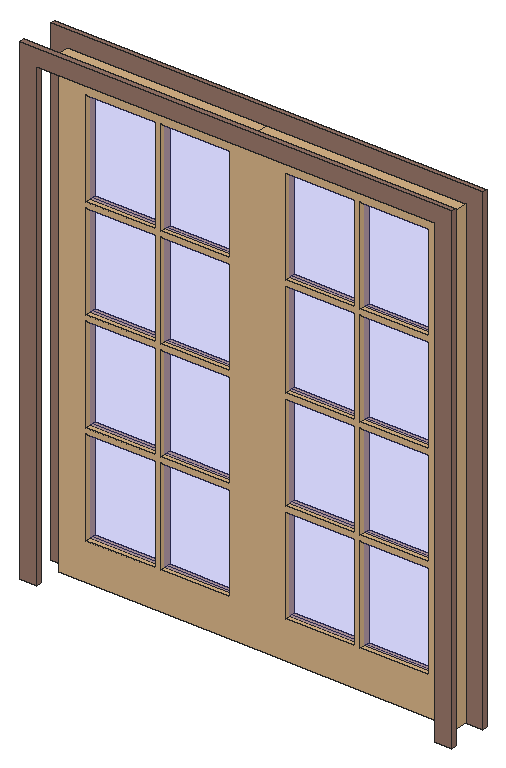
Revit family
Parameters (values of type "1830 x 2134mm")
  Thickness = 51.00 mm
  Door Material = Door - Panel
  Frame Material = Door - Frame
  Height = 2134.00 mm
  Muntin = 25.00 mm
  Trim Projection Ext = 25.00 mm
  Trim Projection Int = 25.00 mm
  Trim Width = 76.20 mm
  Wall Closure = (empty or 0)
  Width = 1830.00 mm
Types (5, lengths in mm): name | Height | Trim Width | Width
  1830 x 1981mm | 1981.00 | 76.00 | 1830.00
  1830 x 2083mm | 2083.00 | 76.00 | 1830.00
  1730 x 2032mm | 2032.00 | 76.00 | 1730.00
  1730 x 2134mm | 2134.00 | 76.00 | 1730.00
  1830 x 2134mm | 2134.00 | 76.20 | 1830.00
Reference planes
  plane 1: y = 0
  plane 2: z = 0
  plane 3 "Center": x = 0
  plane 4 "Left": x = -915
  plane 5 "Right": x = 915
  plane 6 "Top": z = 2134
  plane 7: z = 2034
  plane 8: z = 1569.25
  plane 9: z = 1544.25
  plane 10: z = 1104.5
  plane 11: z = 1079.5
  plane 12: z = 639.75
  plane 13: z = 2009
  plane 14: z = 614.75
  plane 15: z = 175
  plane 16: x = 788
  plane 17: x = 470
  plane 18: x = 445
  plane 19: x = 127
  plane 20: x = -127
  plane 21: x = -445
  plane 22: x = -470
  plane 23: x = -788
  plane 24: x = 457.5
  plane 25: x = -457.5
Forms (mm)
  Extrusion 1, solid, material "Door - Frame" <- "Frame Material"
    sketch origin (-2286, 76.2, 0) x (-1, 0, 0) y (0, 0, 1)
      loop
        line (-3201, 2134) -> (-1371, 2134) -> (-1371, 0) -> (-1294.8, 0) -> (-1294.8, 2210.2) -> (-3277.2, 2210.2) -> (-3277.2, 0) -> (-3201, 0) -> (-3201, 2134)
    from 0 to 25
  Extrusion 2, solid, material "Door - Frame" <- "Frame Material"
    sketch origin (-2286, -76.2, 0) x (1, 0, 0) y (0, 0, 1)
      loop
        line (1371, 0) -> (1371, 2134) -> (3201, 2134) -> (3201, 0) -> (3277.2, 0) -> (3277.2, 2210.2) -> (1294.8, 2210.2) -> (1294.8, 0) -> (1371, 0)
    from 0 to 25
  Extrusion 3, solid, material "Door - Panel" <- "Door Material"
    sketch origin (914.4, 76.2, 1981.2) x (0, 0, -1) y (-1, 0, 0)
      loop
        line (-152.8, -0.6) -> (1981.2, -0.6) -> (1981.2, 914.4) -> (1981.2, 1829.4) -> (-152.8, 1829.4) -> (-152.8, 914.4) -> (-152.8, -0.6)
      loop
        line (-27.8, 126.4) -> (411.95, 126.4) -> (411.95, 444.4) -> (-27.8, 444.4) -> (-27.8, 126.4)
      loop
        line (-27.8, 469.4) -> (411.95, 469.4) -> (411.95, 787.4) -> (-27.8, 787.4) -> (-27.8, 469.4)
      loop
        line (436.95, 126.4) -> (876.7, 126.4) -> (876.7, 444.4) -> (436.95, 444.4) -> (436.95, 126.4)
      loop
        line (436.95, 469.4) -> (876.7, 469.4) -> (876.7, 787.4) -> (436.95, 787.4) -> (436.95, 469.4)
      loop
        line (901.7, 126.4) -> (1341.45, 126.4) -> (1341.45, 444.4) -> (901.7, 444.4) -> (901.7, 126.4)
      loop
        line (901.7, 469.4) -> (1341.45, 469.4) -> (1341.45, 787.4) -> (901.7, 787.4) -> (901.7, 469.4)
      loop
        line (1366.45, 126.4) -> (1806.2, 126.4) -> (1806.2, 444.4) -> (1366.45, 444.4) -> (1366.45, 126.4)
      loop
        line (1366.45, 469.4) -> (1806.2, 469.4) -> (1806.2, 787.4) -> (1366.45, 787.4) -> (1366.45, 469.4)
      loop
        line (-27.8, 1041.4) -> (411.95, 1041.4) -> (411.95, 1359.4) -> (-27.8, 1359.4) -> (-27.8, 1041.4)
      loop
        line (436.95, 1041.4) -> (876.7, 1041.4) -> (876.7, 1359.4) -> (436.95, 1359.4) -> (436.95, 1041.4)
      loop
        line (436.95, 1702.4) -> (436.95, 1384.4) -> (876.7, 1384.4) -> (876.7, 1702.4) -> (436.95, 1702.4)
      loop
        line (901.7, 1041.4) -> (1341.45, 1041.4) -> (1341.45, 1359.4) -> (901.7, 1359.4) -> (901.7, 1041.4)
      loop
        line (901.7, 1702.4) -> (901.7, 1384.4) -> (1341.45, 1384.4) -> (1341.45, 1702.4) -> (901.7, 1702.4)
      loop
        line (1366.45, 1041.4) -> (1806.2, 1041.4) -> (1806.2, 1359.4) -> (1366.45, 1359.4) -> (1366.45, 1041.4)
      loop
        line (1366.45, 1384.4) -> (1806.2, 1384.4) -> (1806.2, 1702.4) -> (1366.45, 1702.4) -> (1366.45, 1384.4)
      loop
        line (411.95, 1702.4) -> (-27.8, 1702.4) -> (-27.8, 1384.4) -> (411.95, 1384.4) -> (411.95, 1702.4)
    from 0 to -51
  Extrusion 4, solid, material "Glass"
    sketch origin (914.4, 76.2, 1981.2) x (0, 0, -1) y (-1, 0, 0)
      loop
        line (-27.8, 126.4) -> (411.95, 126.4) -> (411.95, 444.4) -> (-27.8, 444.4) -> (-27.8, 126.4)
      loop
        line (-27.8, 469.4) -> (411.95, 469.4) -> (411.95, 787.4) -> (-27.8, 787.4) -> (-27.8, 469.4)
      loop
        line (-27.8, 1041.4) -> (411.95, 1041.4) -> (411.95, 1359.4) -> (-27.8, 1359.4) -> (-27.8, 1041.4)
      loop
        line (411.95, 1702.4) -> (-27.8, 1702.4) -> (-27.8, 1384.4) -> (411.95, 1384.4) -> (411.95, 1702.4)
      loop
        line (436.95, 1702.4) -> (436.95, 1384.4) -> (876.7, 1384.4) -> (876.7, 1702.4) -> (436.95, 1702.4)
      loop
        line (436.95, 1041.4) -> (876.7, 1041.4) -> (876.7, 1359.4) -> (436.95, 1359.4) -> (436.95, 1041.4)
      loop
        line (436.95, 469.4) -> (876.7, 469.4) -> (876.7, 787.4) -> (436.95, 787.4) -> (436.95, 469.4)
      loop
        line (436.95, 126.4) -> (876.7, 126.4) -> (876.7, 444.4) -> (436.95, 444.4) -> (436.95, 126.4)
      loop
        line (901.7, 126.4) -> (1341.45, 126.4) -> (1341.45, 444.4) -> (901.7, 444.4) -> (901.7, 126.4)
      loop
        line (901.7, 787.4) -> (901.7, 469.4) -> (1341.45, 469.4) -> (1341.45, 787.4) -> (901.7, 787.4)
      loop
        line (901.7, 1041.4) -> (1341.45, 1041.4) -> (1341.45, 1359.4) -> (901.7, 1359.4) -> (901.7, 1041.4)
      loop
        line (901.7, 1702.4) -> (901.7, 1384.4) -> (1341.45, 1384.4) -> (1341.45, 1702.4) -> (901.7, 1702.4)
      loop
        line (1366.45, 126.4) -> (1806.2, 126.4) -> (1806.2, 444.4) -> (1366.45, 444.4) -> (1366.45, 126.4)
      loop
        line (1366.45, 787.4) -> (1366.45, 469.4) -> (1806.2, 469.4) -> (1806.2, 787.4) -> (1366.45, 787.4)
      loop
        line (1366.45, 1041.4) -> (1806.2, 1041.4) -> (1806.2, 1359.4) -> (1366.45, 1359.4) -> (1366.45, 1041.4)
      loop
        line (1366.45, 1702.4) -> (1366.45, 1384.4) -> (1806.2, 1384.4) -> (1806.2, 1702.4) -> (1366.45, 1702.4)
    from -19.05 to -31.75
Lines and regions (mm)
  Opening 1
    outline origin (-2286, -76.2, 0) x (1, 0, 0) y (0, 0, 1)
      loop
        line (1371, 0) -> (3201, 0) -> (3201, 2134) -> (1371, 2134) -> (1371, 0)
  symbolic lines, style "Plan Swing"
    curve 1: arc (0, 76.2, 0) -> (-267.997, 723.203, 0) -> (-915, 991.2, 0) r 915
    curve 2: arc (0, 76.2, 0) -> (250.211, 704.913, 0) -> (864, 989.778, 0) r 915
  symbolic lines, style "DoorsPanelProjection"
    curve 3: line (-915, 76.2, 0) -> (-864, 76.2, 0)
    curve 4: line (-915, 76.2, 0) -> (-915, 991.2, 0)
    curve 5: line (-864, 76.2, 0) -> (-864, 989.778, 0)
    curve 6: line (915, 76.2, 0) -> (864, 76.2, 0)
    curve 7: line (915, 76.2, 0) -> (915, 991.19, 0)
    curve 8: line (864, 76.2, 0) -> (864, 989.778, 0)
    curve 11: line (-915, 991.473, 0) -> (-864, 991.473, 0)
    curve 12: line (864, 989.778, 0) -> (915, 989.778, 0)
  model lines, style "DoorsPanelProjection"
    curve 9: line (0, 76.2, 2134) -> (0, 76.2, 0)
    curve 10: line (0, 25.2, 2134) -> (0, 25.2, 0)
  symbolic lines, style "Elevation Swing"
    curve 13: line (0, 0, 2134) -> (915, 0, 1067)
    curve 14: line (0, 0, 0) -> (915, 0, 1067)
    curve 15: line (0, 0, 2134) -> (-915, 0, 1067)
    curve 16: line (-915, 0, 1067) -> (0, 0, 0)
Text (mm)
  text "Exterior" at (-1490.41, 693.701, 0), in view "Floor Line"
  text "Interior" at (-1482.03, -638.649, 0), in view "Floor Line"
  text "Exterior" at (0, 1019.848, 3124.603), in view "Right"
  text "Interior" at (0, -1635.541, 3124.603), in view "Right"
  text "Interior" at (0, -787.806, 3124.376), in view "Left"
  text "Exterior" at (0, 1386.095, 3124.376), in view "Left"
Dimensions and locks
  equal spacing: plane 4 "Left", plane 3 "Center", plane 5 "Right"
  "Height": plane 2 to plane 6 "Top"
  "Trim Width": Extrusion 2 sketch curve to plane 4 "Left"
  "Trim Width": Extrusion 2 sketch curve to plane 5 "Right"
  "Trim Width": Extrusion 2 sketch curve to plane 6 "Top"
  "Trim Width": Extrusion 1 sketch curve to Extrusion 1 sketch curve  (x2)
  "Trim Width": Extrusion 1 sketch curve to plane 6 "Top"
  "Trim Projection Int": Extrusion 2 to host wall
  "Trim Projection Ext": Extrusion 1 to host wall
  "Muntin": plane 13 to plane 7
  "Muntin": plane 9 to plane 8
  "Muntin": plane 11 to plane 10
  "Muntin": plane 14 to plane 12
  locked: host wall to plane 15 at 175
  locked: plane 7 to plane 6 "Top" at 100
  equal spacing: plane 15, plane 12, plane 10, plane 8, plane 7
  locked: plane 16 to plane 5 "Right" at 127
  locked: plane 23 to plane 4 "Left" at 127
  plane 19 to plane 3 "Center" to plane 20 = 127.00 mm locked, 127.00 mm locked
  "Muntin": plane 17 to plane 18
  "Muntin": plane 21 to plane 22
  equal spacing: plane 16, plane 24, plane 19
  equal spacing: plane 20, plane 25, plane 23
  equal spacing: plane 17, plane 24, plane 18
  equal spacing: plane 21, plane 25, plane 22
  locked: host wall to Extrusion 3 at 0
  Extrusion 4 to Extrusion 4 to Extrusion 1 = 12.70 mm locked, 19.05 mm locked
  "Thickness": Extrusion 3 to Extrusion 3
  "Thickness": curve 8 to plane 5 "Right"
  "Thickness": plane 4 "Left" to curve 5
  "Width": plane 4 "Left" to plane 5 "Right"
  equal spacing: level, curve 14, plane 6 "Top"
  equal spacing: level, curve 16, plane 6 "Top"
  aligned and locked: plane 4 "Left" to Opening 1 sketch curve
  aligned and locked: plane 6 "Top" to Opening 1 sketch curve  (x2)
  aligned and locked: Opening 1 sketch curve to plane 5 "Right"
  aligned and locked: Opening 1 sketch curve to level
  aligned and locked: plane 6 "Top" to Extrusion 1 sketch curve  (x2)
  aligned and locked: plane 4 "Left" to Extrusion 1 sketch curve
  aligned and locked: Extrusion 1 sketch curve to plane 4 "Left"
  aligned and locked: plane 2 to Extrusion 1 sketch curve
  aligned and locked: Extrusion 1 sketch curve to plane 2
  aligned and locked: level to Extrusion 1 sketch curve
  aligned and locked: plane 5 "Right" to Extrusion 1 sketch curve
  aligned and locked: Extrusion 1 to host wall  (x3)
  aligned and locked: plane 4 "Left" to Extrusion 2 sketch curve
  aligned and locked: plane 6 "Top" to Extrusion 2 sketch curve  (x2)
  aligned and locked: plane 5 "Right" to Extrusion 2 sketch curve  (x2)
  aligned and locked: level to Extrusion 2 sketch curve
  aligned and locked: Extrusion 2 sketch curve to level
  aligned and locked: plane 2 to Extrusion 2 sketch curve
  aligned and locked: Extrusion 2 to host wall
  aligned and locked: Extrusion 3 sketch curve to Extrusion 1  (x2)
  aligned and locked: plane 13 to Extrusion 3 sketch curve  (x4)
  aligned and locked: plane 8 to Extrusion 3 sketch curve  (x3)
  aligned and locked: plane 17 to Extrusion 3 sketch curve  (x4)
  aligned and locked: plane 19 to Extrusion 3 sketch curve  (x4)
  aligned and locked: plane 16 to Extrusion 3 sketch curve  (x3)
  aligned and locked: plane 9 to Extrusion 3 sketch curve  (x3)
  aligned and locked: plane 10 to Extrusion 3 sketch curve  (x4)
  aligned and locked: plane 18 to Extrusion 3 sketch curve  (x3)
  aligned and locked: plane 11 to Extrusion 3 sketch curve  (x3)
  aligned and locked: plane 12 to Extrusion 3 sketch curve  (x4)
  aligned and locked: plane 14 to Extrusion 3 sketch curve  (x4)
  aligned and locked: plane 15 to Extrusion 3 sketch curve  (x3)
  aligned and locked: plane 21 to Extrusion 3 sketch curve  (x4)
  aligned and locked: plane 20 to Extrusion 3 sketch curve  (x3)
  aligned and locked: plane 23 to Extrusion 3 sketch curve  (x4)
  aligned and locked: Extrusion 3 sketch curve to plane 9
  aligned and locked: plane 22 to Extrusion 3 sketch curve  (x3)
  aligned and locked: Extrusion 3 sketch curve to plane 11
  aligned and locked: Extrusion 3 sketch curve to plane 8
  aligned and locked: Extrusion 4 sketch curve to Extrusion 3  (x60)
  aligned and locked: host wall to Extrusion 3
  aligned and locked: curve 3 to Extrusion 3
  aligned and locked: curve 6 to Extrusion 3
  aligned and locked: Extrusion 1 to curve 1
  aligned and locked: Extrusion 1 to curve 2
  aligned and locked: curve 9 to curve 10
  aligned and locked: curve 9 to Extrusion 3
Automatic sketch dimensions
  Extrusion 3 sketch curve to plane 15 = 0.00 mm
  Extrusion 3 sketch curve to level = 0.00 mm
  Extrusion 3 sketch curve to plane 16 = 0.00 mm
  Extrusion 3 sketch curve to plane 18 = 0.00 mm
  Extrusion 3 sketch curve to plane 20 = 0.00 mm
  Extrusion 3 sketch curve to plane 22 = 0.00 mm
  Extrusion 3 sketch curve to plane 4 "Left" = 0.00 mm
  Extrusion 3 sketch curve to plane 3 "Center" = 0.00 mm  (x2)
  Extrusion 4 sketch curve to plane 9 = 0.00 mm
  Extrusion 4 sketch curve to plane 12 = 0.00 mm  (x2)
  Extrusion 4 sketch curve to plane 22 = 0.00 mm
  curve 11 to plane 4 "Left" = 0.00 mm
  curve 1 to plane 4 "Left" = 0.00 mm
  curve 1 to plane 3 "Center" = 0.00 mm
  curve 2 to plane 3 "Center" = 0.00 mm
  curve 2 to plane 5 "Right" = 0.00 mm
  curve 6 to plane 5 "Right" = 0.00 mm
  curve 12 to plane 5 "Right" = 0.00 mm
  curve 11 to curve 5 = 0.00 mm
  curve 12 to curve 2 = 0.00 mm  (x2)
  curve 12 to curve 7 = 1.412 mm
  curve 5 to curve 11 = 1.695 mm
  curve 13 to plane 3 "Center" = 0.00 mm
  curve 13 to plane 6 "Top" = 0.00 mm
  curve 10 to plane 6 "Top" = 0.00 mm
  curve 9 to plane 6 "Top" = 0.00 mm
  curve 15 to plane 4 "Left" = 0.00 mm
  curve 13 to plane 5 "Right" = 0.00 mm
  curve 9 to level = 0.00 mm
  curve 10 to level = 0.00 mm
  curve 14 to level = 0.00 mm
  curve 14 to plane 3 "Center" = 0.00 mm
